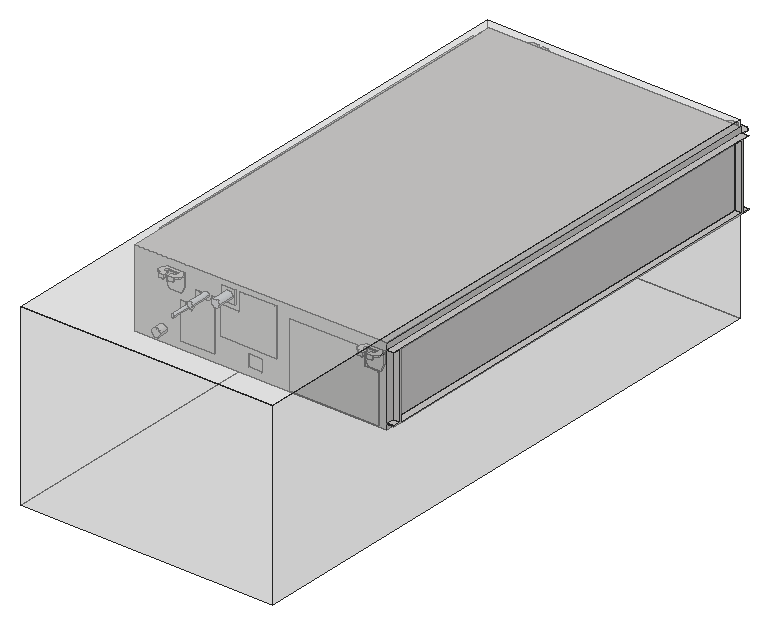
Revit family "outputfile", category 機械設備, Revit 2024
Family settings
  丸型コネクタ寸法 = 半径を使用
  パーツ タイプ = 標準
  OmniClass 番号 = 23.75.10.24.21.27.27
  OmniClass タイトル = Split System Air Conditioning Units
  作業面ベース = いいえ
  常に垂直 = はい
  ロード時にボイドで切り取り = いいえ
  注釈の向きを維持 = いいえ
  共有 = いいえ
  部屋計算ポイント = はい
Parameters (values of type "FXSQ100PAVE8")
  Description = ""
  製造元 = "Daikin"
  書き出し IFC クラス(タイプ) = "IfcUnitaryEquipmentType"
  定義済み IFC タイプ(タイプ) = "AIRCONDITIONINGUNIT"
  Cost = 0
  モデル = "FXSQ100PAVE8"
  Type Comments = ""
  Keynote = ""
  Type Image = (empty or 0)
  Assembly Code = ""
  r_Liquid Pipe Size = Liquid Pipe Size / 2  # 4.75 mm
  r_Gas Pipe Size = Gas Pipe Size / 2  # 7.95 mm
  r_Drain Pipe Size = Drain Pipe Size / 2  # 12.5 mm
  lw_power = 770.0 mm  # constant formula
  lh_SA = 138.0 mm  # constant formula
  lw_SA = if(Depth = 550.0 mm, 225.0 mm, if(Depth = 700.0 mm, 300.0 mm, if(Depth = 1000.0 mm, 450.0 mm, if(Depth = 1400.0 mm, 650.0 mm, 725.0 mm))))  # 650.0 mm
  lw_RA = if(Depth = 550.0 mm, 275.0 mm, if(Depth = 700.0 mm, 349.0 mm, if(Depth = 1000.0 mm, 499.0 mm, if(Depth = 1400.0 mm, 699.0 mm, 775.0 mm))))  # 699.0 mm
  lh_power = 60.0 mm + [h***]  # 60.0 mm
  lh_mountinghole1 = lh_mountinghole + [h***]  # 222.0 mm
  lh_RA = 123.0 mm  # constant formula
  ld_power = Depth / 2  # 700.0 mm
  Voltage_comment_60Hz = "220"
  Voltage_comment_50Hz = "220-240"
  Voltage_60Hz = 220 V
  Voltage_50Hz = 220 V
  URL = ""
  Supply Air Direction [instance] = yes
  Sound Power Level_H speed (dB) = 67
  Phase_60Hz = 1
  Phase_50Hz = 1
  Minimum External Static Pressure = 50.00 Pa
  Minimum Circuit Amps_60Hz = 2.5 A
  Minimum Circuit Amps_50Hz = 2.5 A
  Maximum Fuse Amps_60Hz = 16.0 A
  Maximum Fuse Amps_50Hz = 16.0 A
  Maximum External Static Pressure = 150.00 Pa
  Material_Casing = DAIKIN_GalvanizedSteel_Casing_indoorunit
  lw_mountinghole = 630.0 mm  # constant formula
  lh_gaspipe = 183.0 mm + [h***]  # 183.0 mm
  lh_mountinghole = 222.0 mm  # constant formula
  lh_liquidpipe = 136.0 mm + [h***]  # 136.0 mm
  lh_drainpipe = 207.0 mm + [h***]  # 207.0 mm
  lh_antena = Height - lh_mountinghole + 1.0 mm  # 24.0 mm
  ld_drainpipe = Depth / 2 + 53.0 mm  # 753.0 mm
  ld_liquidpipe = Depth / 2 + 69.0 mm  # 769.0 mm
  ld_gaspipe = Depth / 2 + 65.0 mm  # 765.0 mm
  ld_mountinghole = Depth + 38.0 mm  # 1438.0 mm
  h*** = 0.0 mm  # constant formula
  lw_liquidpipe = 179.0 mm  # constant formula
  lw_gaspipe = 229.0 mm  # constant formula
  lw_drainpipe = 300.0 mm  # constant formula
  Width = 800.0 mm
  Version = "ver.1.0"
  Unit Type = "Middle Static Pressure Duct Type"
  Unit Mass Weight = 46.00 kg
  Unit Designation [instance] = ""
  Uniclass2015Version = "Products v1.30"
  Uniclass2015Title = "Variable refrigerant flow units"
  Uniclass2015Code = "Pr_70_65_03_94"
  Total Heating Capacity [instance] = 0.000 kW
  Total Cooling Capacity [instance] = 0.000 kW
  Sound Pressure Level_M speed (dBA) = 0
  Sound Pressure Level_L speed (dBA) = 32
  Sound Pressure Level_H speed (dBA) = 39
  Series = "VRV Fan Coil Unit"
  Sensible Cooling Capacity [instance] = 0.000 kW
  SA Duct Size Width = if(Depth = 550.0 mm, 337.0 mm, if(Depth = 700.0 mm, 492.0 mm, if(Depth = 1000.0 mm, 792.0 mm, if(Depth = 1400.0 mm, 1192.0 mm, 1337.0 mm))))  # 1192.0 mm
  SA Duct Size Height = 176.0 mm
  Refrigerant Type = "R410A"
  RA Duct Size Width = if(Depth = 550.0 mm, 502.0 mm, if(Depth = 700.0 mm, 654.0 mm, if(Depth = 1000.0 mm, 952.0 mm, if(Depth = 1400.0 mm, 1352.0 mm, 1502.0 mm))))  # 1352.0 mm
  RA Duct Size Height = 208.0 mm
  Power Input (Heating) = 0.326 kW
  Power Input (Cooling) = 0.331 kW
  Option Accessory 3 [instance] = ""
  Option Accessory 2 [instance] = ""
  Option Accessory 1 [instance] = ""
  Nominal Heating Capacity = 12.500 kW
  Nominal Cooling Capacity = 11.200 kW
  Minimum Airflow = 1350.00 m³/h
  Median Airflow = 1620.00 m³/h
  Maximum Airflow = 1920.00 m³/h
  Load Classification = HVAC
  Liquid Pipe Size = 9.5 mm
  Link_Nested Family [instance] = ""
  IfcVersion = "0"
  IfcExportType = "AIRCONDITIONINGUNIT"
  IfcExportAs = "IfcUnitaryEquipmentType"
  Height = 245.0 mm
  Heating Entering Wet Bulb Temperature [instance] = 0.00 °C
  Heating Entering Dry Bulb Temperature [instance] = 0.00 °C
  Heating Ambient Wet Bulb Temperature [instance] = 0.00 °C
  Heating Ambient Dry Bulb Temperature [instance] = 0.00 °C
  Heat Exchanger Type = "Cross Fin Coil"
  Gas Pipe Size = 15.9 mm
  Frequency_60Hz = 60 Hz
  Frequency_50Hz = 50 Hz
  Fan Type = "Sirocco Fan"
  Fan Drive = "Direct Drive"
  FCU Tag No. [instance] = ""
  Drain Pipe Size = 25.0 mm
  Design Supply Airflow [instance] = 0.00 m³/h
  Design Return Airflow [instance] = 0.00 m³/h
  Design External Static Pressure [instance] = 0.00 Pa
  Depth = 1400.0 mm
  既定の高さ = 0.0 mm
  Cooling Entering Wet Bulb Temperature [instance] = 0.00 °C
  Cooling Entering Dry Bulb Temperature [instance] = 0.00 °C
  Cooling Ambient Wet Bulb Temperature [instance] = 0.00 °C
  Cooling Ambient Dry Bulb Temperature [instance] = 0.00 °C
  Clearance visibility [instance] = yes
  Clearance Top = 20.0 mm
  Clearance Right = 0.0 mm
  Clearance Rear = 0.0 mm
  Clearance Left = 0.0 mm
  Clearance Front = 450.0 mm
  Clearance Bottom = 300.0 mm
Reference planes
  plane 1 "Center (Front/Back)": y = 0
  plane 2 "h": z = 0
  plane 3 "Center (Left/Right)": x = 0
  plane 4 "Back": y = 700
  plane 5 "Front": y = -700
  plane 6 "Left": x = -400
  plane 7 "Reight": x = 400
  plane 8 "Top": z = 0
  plane 9 "Bottom": z = -245
  plane 10: y = -215
  plane 11: y = 700
  plane 12: y = -1150
  plane 13: x = -400
  plane 14: x = 400
  plane 15: z = 20
  plane 16: z = -545
  plane 17: x = -400
  plane 18: x = -399
  plane 19: x = 399
  plane 20: y = 50
  plane 21: y = -1
  plane 22: z = -122
  plane 23: y = -701
  plane 24: z = -109
  plane 25: x = -221
  plane 26: y = -765
  plane 27: z = -62
  plane 28: x = -171
  plane 29: y = -753
  plane 30: z = -38
  plane 31: x = -100
  plane 32: x = -100
  plane 33: x = -221
  plane 34: x = -171
  plane 35: x = 370
  plane 36: x = -266
  plane 37: x = 364
  plane 38: y = -719
  plane 39: y = 719
  plane 40: z = -23
  plane 41: z = -107
  plane 42: y = -770
  plane 43: z = -207
  plane 44: x = -309
  plane 45: y = -726
  plane 46: x = -251
  plane 47: x = -203
  plane 48: x = -144
  plane 49: z = -59
  plane 50: z = -106
  plane 51: z = -221
  plane 52: z = -109
  plane 53: x = -221
  plane 54: z = -62
  plane 55: x = -171
  plane 56: z = -17
  plane 57: z = -59
  plane 58: x = -121
  plane 59: x = -79
  plane 60: x = -125
  plane 61: x = -64
  plane 62: x = 53
  plane 63: z = -164
  plane 64: z = -73
  plane 65: z = -16
  plane 66: x = 93.5
  plane 67: x = 374.5
  plane 68: x = 330
  plane 69: z = -88.5
  plane 70: z = -38
  plane 71: z = -242.5
  plane 72: x = -38.5
  plane 73: x = 6.5
  plane 74: z = -181
  plane 75: z = -221
  plane 76: y = -699
  plane 77: x = -424
  plane 78: x = 424
Forms (mm)
  Extrusion 1, solid, material "DAIKIN_GalvanizedSteel_Casing_indoorunit" <- "Material_Casing"
    sketch origin (0, 0, 0) x (1, 0, 0) y (0, 1, 0)
      loop
        line (-399, 700) -> (-399, -700) -> (399, -700) -> (399, 700) -> (-399, 700)
    from -245 to 0
  Extrusion 2, solid, material "DAIKIN_GalvanizedSteel_Casing_indoorunit" <- "Material_Casing"
    sketch origin (0, 0, 0) x (1, 0, 0) y (0, 0, 1)
      loop
        line (-251, -221) -> (-144, -221) -> (-144, -59) -> (-154.47, -59)
        arc (-154.47, -59) -> (-171, -78.8) -> (-187.53, -59) r 16.8
        line (-187.53, -59) -> (-203, -59) -> (-203, -106) -> (-206.916, -106)
        arc (-206.916, -106) -> (-221, -123.4) -> (-235.084, -106) r 14.4
        line (-235.084, -106) -> (-251, -106) -> (-251, -221)
    from 700 to 701
  Extrusion 3, solid, material "DAIKIN_GalvanizedSteel_Casing_indoorunit" <- "Material_Casing"
    sketch origin (0, 0, 0) x (1, 0, 0) y (0, 0, 1)
      loop
        line (-121, -17) -> (-121, -59) -> (-79, -59) -> (-79, -17) -> (-121, -17)
      loop
        line (-125, -73) -> (-125, -164) -> (53, -164) -> (53, -16) -> (-64, -16) -> (-64, -73) -> (-125, -73)
    from 700 to 701
  Extrusion 4, solid, material "DAIKIN_GalvanizedSteel_Casing_indoorunit" <- "Material_Casing"
    sketch origin (0, 0, 0) x (1, 0, 0) y (0, 0, 1)
      loop
        line (93.5, -38) -> (93.5, -242.5) -> (374.5, -242.5) -> (374.5, -88.5) -> (330, -88.5) -> (330, -38) -> (93.5, -38)
    from 700 to 701
  Extrusion 5, solid
    sketch origin (0, 0, 0) x (1, 0, 0) y (0, 0, 1)
      loop
        circle (-221, -109) r 4.75
    from 700 to 770
  Extrusion 6, solid
    sketch origin (0, 0, 0) x (1, 0, 0) y (0, 0, 1)
      loop
        circle (-171, -62) r 7.95
    from 700 to 765
  Extrusion 7, solid
    sketch origin (0, 0, 0) x (1, 0, 0) y (0, 0, 1)
      loop
        circle (-100, -38) r 12.5
    from 701 to 753
  Extrusion 8, solid, material "DAIKIN_GalvanizedSteel_Casing_indoorunit" <- "Material_Casing"
    sketch origin (0, 0, 0) x (1, 0, 0) y (0, 0, 1)
      loop
        circle (-309, -207) r 13
    from 700 to 726
  Extrusion 9, void
    sketch origin (0, 0, 0) x (1, 0, 0) y (0, 0, 1)
      loop
        line (-38.5, -181) -> (-38.5, -221) -> (6.5, -221) -> (6.5, -181) -> (-38.5, -181)
    from 699 to 700
Cuts and joins
  Extrusion 9 cuts Extrusion 1
Dimensions and locks
  "Height": plane 8 "Top" to plane 9 "Bottom"
  equal spacing: plane 4 "Back", plane 1 "Center (Front/Back)", plane 5 "Front"
  "Depth": plane 4 "Back" to plane 5 "Front"
  equal spacing: plane 6 "Left", plane 3 "Center (Left/Right)", plane 7 "Reight"
  "Width": plane 6 "Left" to plane 7 "Reight"
  "Clearance Left": plane 13 to plane 6 "Left"
  "Clearance Right": plane 7 "Reight" to plane 14
  "Clearance Rear": plane 11 to plane 4 "Back"
  "Clearance Front": plane 5 "Front" to plane 12
  "Clearance Top": plane 15 to plane 8 "Top"
  "Clearance Bottom": plane 9 "Bottom" to plane 16
  locked: plane 17 to plane 18 at 1
  locked: plane 19 to plane 14 at 1
  "lw_SA": plane 11 to plane 20
  "lw_RA": plane 21 to plane 5 "Front"
  "lh_RA": plane 22 to plane 9 "Bottom"
  locked: plane 5 "Front" to plane 23 at 1
  "lw_liquidpipe": plane 25 to plane 6 "Left"
  "lh_liquidpipe": plane 24 to plane 9 "Bottom"
  "lh_gaspipe": plane 27 to plane 9 "Bottom"
  "lw_gaspipe": plane 28 to plane 6 "Left"
  "ld_gaspipe": plane 26 to plane 1 "Center (Front/Back)"
  "ld_drainpipe": plane 29 to plane 1 "Center (Front/Back)"
  "lh_drainpipe": plane 30 to plane 9 "Bottom"
  "lw_drainpipe": plane 31 to plane 6 "Left"
  "lw_drainpipe": plane 6 "Left" to plane 32
  "lw_liquidpipe": plane 6 "Left" to plane 33
  "lw_gaspipe": plane 6 "Left" to plane 34
  "lw_power": plane 6 "Left" to plane 35
  locked: plane 17 to plane 36 at 134
  "lw_mountinghole": plane 36 to plane 37
  equal spacing: plane 38, plane 1 "Center (Front/Back)", plane 39
  "ld_mountinghole": plane 39 to plane 38
  "lh_mountinghole": plane 40 to plane 9 "Bottom"
  "lh_SA": plane 41 to plane 9 "Bottom"
  "ld_liquidpipe": plane 21 to plane 42
  locked: plane 44 to plane 6 "Left" at 91
  locked: plane 43 to plane 9 "Bottom" at 38
  locked: plane 5 "Front" to plane 45 at 26
  plane 48 to plane 47 to plane 46 to plane 6 "Left" = 59.0 mm, 48.0 mm, 149.0 mm
  plane 8 "Top" to plane 49 to plane 50 to plane 51 = 59.0 mm locked, 47.0 mm locked, 115.0 mm locked
  plane 55 to plane 53 to plane 6 "Left" = 50.0 mm locked, 179.0 mm locked
  plane 54 to plane 52 to plane 9 "Bottom" = 47.0 mm locked, 136.0 mm locked
  plane 59 to plane 58 to plane 6 "Left" = 42.0 mm locked, 279.0 mm locked
  plane 8 "Top" to plane 56 to plane 57 = 17.0 mm locked, 42.0 mm locked
  plane 62 to plane 61 to plane 60 to plane 6 "Left" = 117.0 mm, 61.0 mm, 275.0 mm
  plane 8 "Top" to plane 65 to plane 64 = 16.0 mm locked, 57.0 mm locked
  locked: plane 65 to plane 63 at 148
  plane 8 "Top" to plane 70 to plane 69 to plane 71 = 38.0 mm locked, 50.5 mm locked, 154.0 mm locked
  plane 67 to plane 68 to plane 66 to plane 6 "Left" = 44.5 mm locked, 236.5 mm locked, 493.5 mm locked
  plane 8 "Top" to plane 74 to plane 75 = 181.0 mm locked, 40.0 mm locked
  plane 73 to plane 72 to plane 6 "Left" = 45.0 mm, 361.5 mm
  locked: plane 76 to plane 5 "Front" at 1
  locked: plane 77 to plane 17 at 24
  locked: plane 14 to plane 78 at 24
  "r_Liquid Pipe Size": radius of Extrusion 5 sketch curve
  "r_Gas Pipe Size": radius of Extrusion 6 sketch curve
  "r_Drain Pipe Size": radius of Extrusion 7 sketch curve
  aligned and locked: level to plane 2 "h"
  aligned and locked: plane 8 "Top" to Extrusion 1
  aligned and locked: Extrusion 1 to plane 9 "Bottom"
  aligned and locked: nested 5 to plane 12
  aligned and locked: plane 13 to nested 5
  aligned and locked: plane 14 to nested 5
  aligned and locked: nested 5 to plane 13
  aligned and locked: plane 11 to nested 5
  aligned and locked: plane 15 to nested 5
  aligned and locked: plane 16 to nested 5
  aligned and locked: plane 5 "Front" to Extrusion 1 sketch curve
  aligned and locked: Extrusion 1 to plane 18
  aligned and locked: plane 19 to Extrusion 1
  aligned and locked: nested 7 to plane 18
  aligned and locked: nested 7 to plane 20
  aligned and locked: plane 19 to nested 8
  aligned and locked: plane 21 to nested 8
  aligned and locked: plane 22 to nested 8
  aligned and locked: Extrusion 2 to plane 23
  aligned and locked: plane 5 "Front" to Extrusion 2
  aligned and locked: Extrusion 3 to plane 23
  aligned and locked: plane 5 "Front" to Extrusion 3
  aligned and locked: plane 5 "Front" to Extrusion 4
  aligned and locked: Extrusion 5 sketch curve to plane 25
  aligned and locked: plane 24 to Extrusion 5 sketch curve
  aligned and locked: plane 5 "Front" to Extrusion 5
  aligned and locked: Extrusion 6 sketch curve to plane 28
  aligned and locked: plane 27 to Extrusion 6 sketch curve
  aligned and locked: plane 5 "Front" to Extrusion 6
  aligned and locked: Extrusion 7 sketch curve to plane 31
  aligned and locked: Extrusion 7 sketch curve to plane 30
  aligned and locked: Extrusion 7 to plane 29
  aligned and locked: plane 23 to Extrusion 7
  aligned and locked: nested 3 to plane 29
  aligned and locked: nested 3 to plane 32
  aligned and locked: nested 2 to plane 33
  aligned and locked: nested 1 to plane 34
  aligned and locked: Extrusion 6 to plane 26
  aligned and locked: nested 1 to plane 26
  aligned and locked: nested 6 to plane 5 "Front"
  aligned and locked: nested 6 to plane 35
  aligned and locked: plane 36 to nested 10
  aligned and locked: nested 10 to plane 5 "Front"
  aligned and locked: plane 37 to nested 9
  aligned and locked: nested 9 to plane 5 "Front"
  aligned and locked: nested 11 to plane 36
  aligned and locked: plane 4 "Back" to nested 11
  aligned and locked: nested 12 to plane 37
  aligned and locked: plane 4 "Back" to nested 12
  aligned and locked: plane 40 to nested 10
  aligned and locked: plane 40 to nested 11
  aligned and locked: plane 40 to nested 9
  aligned and locked: plane 40 to nested 12
  aligned and locked: plane 36 to nested 14
  aligned and locked: nested 14 to plane 39
  aligned and locked: plane 37 to nested 13
  aligned and locked: nested 13 to plane 39
  aligned and locked: plane 37 to nested 16
  aligned and locked: plane 38 to nested 16
  aligned and locked: plane 38 to nested 15
  aligned and locked: plane 36 to nested 15
  aligned and locked: plane 17 to plane 6 "Left"
  aligned and locked: plane 41 to nested 7
  aligned and locked: Extrusion 5 to plane 42
  aligned and locked: nested 2 to plane 42
  aligned and locked: Extrusion 8 sketch curve to plane 44
  aligned and locked: plane 43 to Extrusion 8 sketch curve
  aligned and locked: plane 5 "Front" to Extrusion 8
  aligned and locked: plane 45 to Extrusion 8
  aligned and locked: Extrusion 3 sketch curve to plane 56
  aligned and locked: Extrusion 3 sketch curve to plane 58
  aligned and locked: plane 57 to Extrusion 3 sketch curve
  aligned and locked: plane 59 to Extrusion 3 sketch curve
  aligned and locked: Extrusion 4 to plane 23
  aligned and locked: Extrusion 9 sketch curve to plane 74
  aligned and locked: plane 75 to Extrusion 9 sketch curve
  aligned and locked: plane 73 to Extrusion 9 sketch curve
  aligned and locked: plane 5 "Front" to Extrusion 9
  aligned and locked: plane 76 to Extrusion 9
  aligned and locked: nested 17 to plane 20
  aligned and locked: nested 17 to plane 77
  aligned and locked: plane 21 to nested 18
  aligned and locked: plane 78 to nested 18
  aligned and locked: plane 41 to nested 17
  aligned and locked: nested 18 to plane 22
  aligned and locked: nested 4 to plane 3 "Center (Left/Right)"
  aligned and locked: plane 1 "Center (Front/Back)" to nested 4
  aligned and locked: level to plane 8 "Top"
Automatic sketch dimensions
  plane 6 "Left" to Extrusion 1 sketch curve = 1.0 mm
  Extrusion 1 sketch curve to plane 7 "Reight" = 1.0 mm
  Extrusion 1 sketch curve to plane 4 "Back" = 0.0 mm
  Extrusion 2 sketch curve to plane 46 = 0.0 mm
  Extrusion 2 sketch curve to plane 33 = 0.0 mm
  Extrusion 2 sketch curve to plane 47 = 0.0 mm
  Extrusion 2 sketch curve to plane 34 = 0.0 mm
  Extrusion 2 sketch curve to plane 48 = 0.0 mm
  Extrusion 2 sketch curve to plane 51 = 0.0 mm
  Extrusion 2 sketch curve to plane 52 = 0.0 mm
  Extrusion 2 sketch curve to plane 50 = 0.0 mm  (x3)
  Extrusion 2 sketch curve to plane 54 = 0.0 mm
  Extrusion 2 sketch curve to plane 49 = 0.0 mm  (x3)
  plane 33 to Extrusion 2 sketch curve = 14.084 mm
  plane 34 to Extrusion 2 sketch curve = 16.53 mm
  Extrusion 3 sketch curve to plane 60 = 0.0 mm
  Extrusion 3 sketch curve to plane 61 = 0.0 mm
  Extrusion 3 sketch curve to plane 62 = 0.0 mm
  Extrusion 3 sketch curve to plane 63 = 0.0 mm
  Extrusion 3 sketch curve to plane 64 = 0.0 mm
  Extrusion 3 sketch curve to plane 65 = 0.0 mm
  Extrusion 4 sketch curve to plane 66 = 0.0 mm
  Extrusion 4 sketch curve to plane 68 = 0.0 mm
  Extrusion 4 sketch curve to plane 67 = 0.0 mm
  Extrusion 4 sketch curve to plane 71 = 0.0 mm
  Extrusion 4 sketch curve to plane 69 = 0.0 mm
  Extrusion 4 sketch curve to plane 70 = 0.0 mm
  Extrusion 9 sketch curve to plane 72 = 0.0 mm
  radius of Extrusion 8 sketch curve = 13.0 mm
Nested families
  nested 1: "daikin_connector_rotate2" at (-171, 0, -62), length <- "ld_gaspipe", built-in parameter 1001364 <- "lh_gaspipe", radius <- "r_Gas Pipe Size", type "daikin_connector_rotate2"
    with radius 7.95 mm, length 765.0 mm, angle_vertical 90.00°
  nested 2: "daikin_connector_rotate2" at (-221, -1, -109), length <- "ld_liquidpipe", built-in parameter 1001364 <- "lh_liquidpipe", radius <- "r_Liquid Pipe Size", type "daikin_connector_rotate2"
    with radius 4.75 mm, length 769.0 mm, angle_vertical 90.00°
  nested 3: "daikin_connector_rotate2" at (-100, 0, -38), length <- "ld_drainpipe", built-in parameter 1001364 <- "lh_drainpipe", radius <- "r_Drain Pipe Size", type "daikin_connector_rotate2"
    with radius 12.5 mm, length 753.0 mm, angle_vertical 90.00°
  nested 4: "daikin_△_symbolicline" at (0, 0, 245) x (0, -1, 0) z (0, 0, 1), built-in parameter 1001364 <- "Height", visible <- "Supply Air Direction", type "daikin_△_symbolicline"
    with length 200.0 mm
  nested 5: "daikin_clearancespace" at (0, -225, -262.381), visible <- "Clearance visibility", show <- "Clearance visibility", Link_Nested Family <- "Link_Nested Family", type "daikin_clearancespace"
    with width 800.0 mm, show yes, height 565.0 mm, depth 1850.0 mm, Link_Nested Family ""
  nested 6: "daikin_connector_rotate2" at (370, 0, -185), built-in parameter 1001364 <- "lh_power", length <- "ld_power", type "daikin_connector_rotate2"
    with radius 10.0 mm, length 700.0 mm, angle_vertical 90.00°
  nested 7: "daikin_ductflange_FXSQ-PAVE8_2" at (-399, 50, -107) x (0, -1, 0) z (0, 0, 1), type "daikin_ductflange_FXSQ-PAVE8_2"
    with width 1192.0 mm, w 1400.0 mm
  nested 8: "daikin_ductflange_FXSQ-PAVE8_1" at (399, -1, -122) x (0, 1, 0) z (0, 0, 1), type "daikin_ductflange_FXSQ-PAVE8_1"
    with width 1352.0 mm, w 1400.0 mm
  nested 9: "daikin_hangerfixture_FXSQ-PAVE8" at (364, -700, -23), type "daikin_hangerfixture_FXSQ-PAVE8"
  nested 10: "daikin_hangerfixture_FXSQ-PAVE8" at (-266, -700, -23), type "daikin_hangerfixture_FXSQ-PAVE8"
  nested 11: "daikin_hangerfixture_FXSQ-PAVE8" at (-266, 700, -23) x (-1, 0, 0) z (0, 0, 1), type "daikin_hangerfixture_FXSQ-PAVE8"
  nested 12: "daikin_hangerfixture_FXSQ-PAVE8" at (364, 700, -23) x (-1, 0, 0) z (0, 0, 1), type "daikin_hangerfixture_FXSQ-PAVE8"
  nested 13: "daikin_mountinghole" at (364, 719, -245), h_mountinghole <- "lh_mountinghole1", l_antenna <- "lh_antena", Link_Nested Family <- "Link_Nested Family", type "daikin_mountinghole"
    with show yes, l_antenna 24.0 mm, h_mountinghole 222.0 mm, Link_Nested Family ""
  nested 14: "daikin_mountinghole" at (-266, 719, -245), h_mountinghole <- "lh_mountinghole1", l_antenna <- "lh_antena", Link_Nested Family <- "Link_Nested Family", type "daikin_mountinghole"
    with show yes, l_antenna 24.0 mm, h_mountinghole 222.0 mm, Link_Nested Family ""
  nested 15: "daikin_mountinghole" at (-266, -719, -245), h_mountinghole <- "lh_mountinghole1", l_antenna <- "lh_antena", Link_Nested Family <- "Link_Nested Family", type "daikin_mountinghole"
    with show yes, l_antenna 24.0 mm, h_mountinghole 222.0 mm, Link_Nested Family ""
  nested 16: "daikin_mountinghole" at (364, -719, -245), h_mountinghole <- "lh_mountinghole1", l_antenna <- "lh_antena", Link_Nested Family <- "Link_Nested Family", type "daikin_mountinghole"
    with show yes, l_antenna 24.0 mm, h_mountinghole 222.0 mm, Link_Nested Family ""
  nested 17: "daikin_connector_rotate2" at (-400, 50, -107) x (0, -1, 0) z (0, 0, 1), type "daikin_connector_rotate2"
    with radius 10.0 mm, length 24.0 mm, angle_vertical 90.00°
  nested 18: "daikin_connector_rotate2" at (400, -1, -122) x (0, 1, 0) z (0, 0, 1), type "daikin_connector_rotate2"
    with radius 10.0 mm, length 24.0 mm, angle_vertical 90.00°
Connectors
  piping at (-100, -753, -38), diameter 25, driven by "r_Drain Pipe Size"
    settings: on nested 3, index 3, connector inside diameter 609.6 mm, connector length 0.0 mm, flow factor 0, pipe flow 0.00 m³/h, pressure drop 0.0 Pa, fitting loss kfactor 0, connector angle 0.00°, fixture units 0, engagement length 0.0 mm, angle of deflection 0.00°, flow configuration 1, flow direction 2, fitting loss method 4, system type 16, joint type 0, gender type 0, connector reference index -1, connector utility 0, adjustable connector no, is connector primary yes, connector description "Condensate Drain Piping"
  piping at (-171, -765, -62), diameter 15.9, driven by "r_Gas Pipe Size"
    settings: on nested 1, index 4, connector inside diameter 609.6 mm, connector length 0.0 mm, flow factor 0, pipe flow 0.00 m³/h, pressure drop 0.0 Pa, fitting loss kfactor 0, connector angle 0.00°, fixture units 0, engagement length 0.0 mm, angle of deflection 0.00°, flow configuration 1, flow direction 2, fitting loss method 0, system type 29, joint type 0, gender type 0, connector reference index -1, connector utility 0, adjustable connector no, is connector primary no, connector description "Refrigerant Gas Piping"
  piping at (-221, -770, -109), diameter 9.5, driven by "r_Liquid Pipe Size"
    settings: on nested 2, index 5, connector inside diameter 609.6 mm, connector length 0.0 mm, flow factor 0, pipe flow 0.00 m³/h, pressure drop 0.0 Pa, fitting loss kfactor 0, connector angle 0.00°, fixture units 0, engagement length 0.0 mm, angle of deflection 0.00°, flow configuration 1, flow direction 1, fitting loss method 0, system type 29, joint type 0, gender type 0, connector reference index -1, connector utility 0, adjustable connector no, is connector primary no, connector description "Refrigerant Liquid Piping"
  electrical at (370, -700, -185), driven by "Load Classification"
    settings: on nested 6, index 6, voltage 0 V, apparent load 0 VA, apparent load phase1 0 VA, apparent load phase2 0 VA, apparent load phase3 0 VA, power factor 1, load classification "HVAC", number of poles 1, system type 30, power factor state 1, is connector primary yes, connector utility no, sub classification motor no, connector description "Power Supply"
  hvac at (-424, 50, -107), driven by "SA Duct Size Height", driven by "SA Duct Size Width"
    settings: on nested 17, index 7, duct flow 0.00 m³/h, flow factor 0, pres drop 0.00 Pa, loss coef 0, conn angle 0.00°, conn width 1192.0 mm, conn height 176.0 mm, conn diameter 609.6 mm, duct sys type 1, conn prof type 1, flow config 0, flow direction 2, loss method 4, conn ref index -1, conn util no, is conn primary yes, conn desc "SA Duct"
  hvac at (424, -1, -122), driven by "RA Duct Size Height", driven by "RA Duct Size Width"
    settings: on nested 18, index 8, duct flow 0.00 m³/h, flow factor 0, pres drop 0.00 Pa, loss coef 0, conn angle 0.00°, conn width 1352.0 mm, conn height 208.0 mm, conn diameter 609.6 mm, duct sys type 2, conn prof type 1, flow config 0, flow direction 1, loss method 4, conn ref index -1, conn util no, is conn primary no, conn desc "RA Duct"
Definition of nested family "daikin_clearancespace"
  Parameters (values of type "daikin_clearancespace")
    width [instance] = 1823.963 mm
    show [instance] = yes
    material = none
    height [instance] = 1359.762 mm
    depth [instance] = 880.0 mm
    Default Elevation = 0.0 mm
    Link_Nested Family [instance] = ""
  Reference planes
    plane 1 "Center (Front/Back)": y = 0
    plane 2 "Center (Elevation)": z = -0.119
    plane 3 "Center (Left/Right)": x = 0
    plane 4: y = 440
    plane 5: y = -440
    plane 6 "Right": x = 911.982
    plane 7 "Left": x = -911.982
    plane 8 "Top": z = 679.762
    plane 9 "Bottom": z = -680
  Forms (mm)
    Extrusion 1, solid, material <- "material", visible <- "show"
      sketch origin (0, 0, 0) x (1, 0, 0) y (0, 1, 0)
        loop
          line (-911.982, 440) -> (-911.982, -440) -> (911.982, -440) -> (911.982, 440) -> (-911.982, 440)
      from -680 to 679.762
  Lines and regions (mm)
    symbolic lines, visible <- "show"
      curve 1: line (911.982, 440, 0) -> (-911.982, 440, 0)
      curve 2: line (-911.982, 440, 0) -> (-911.982, -440, 0)
      curve 3: line (-911.982, -440, 0) -> (911.982, -440, 0)
      curve 4: line (911.982, -440, 0) -> (911.982, 440, 0)
      curve 5: line (911.982, 0, 679.762) -> (-911.982, 0, 679.762)
      curve 6: line (911.982, 0, -680) -> (911.982, 0, 679.762)
      curve 7: line (-911.982, 0, -680) -> (911.982, 0, -680)
      curve 8: line (-911.982, 0, 679.762) -> (-911.982, 0, -680)
      curve 9: line (0, 440, 679.762) -> (0, -440, 679.762)
      curve 10: line (0, -440, 679.762) -> (0, -440, -680)
      curve 11: line (0, 440, -680) -> (0, 440, 679.762)
      curve 12: line (0, -440, -680) -> (0, 440, -680)
  Dimensions and locks
    "width": plane 7 "Left" to plane 6 "Right"
    "depth": plane 4 to plane 5
    "height": plane 8 "Top" to plane 9 "Bottom"
    equal spacing: plane 7 "Left", plane 3 "Center (Left/Right)", plane 6 "Right"
    equal spacing: plane 4, plane 1 "Center (Front/Back)", plane 5
    equal spacing: plane 8 "Top", plane 2 "Center (Elevation)", plane 9 "Bottom"
    aligned and locked: level to plane 2 "Center (Elevation)"
    aligned and locked: Extrusion 1 sketch curve to plane 4
    aligned and locked: plane 7 "Left" to Extrusion 1 sketch curve
    aligned and locked: Extrusion 1 sketch curve to plane 5
    aligned and locked: Extrusion 1 sketch curve to plane 6 "Right"
    aligned and locked: plane 8 "Top" to Extrusion 1
    aligned and locked: curve 1 to Extrusion 1
    aligned and locked: curve 2 to Extrusion 1
    aligned and locked: curve 3 to Extrusion 1
    aligned and locked: curve 4 to Extrusion 1
    aligned and locked: curve 5 to Extrusion 1
    aligned and locked: curve 6 to Extrusion 1
    aligned and locked: curve 7 to Extrusion 1
    aligned and locked: curve 8 to Extrusion 1
    aligned and locked: curve 9 to Extrusion 1
    aligned and locked: curve 10 to Extrusion 1
    aligned and locked: curve 11 to Extrusion 1
    aligned and locked: curve 12 to Extrusion 1
    aligned and locked: Extrusion 1 to plane 9 "Bottom"
Definition of nested family "daikin_ductflange_FXSQ-PAVE8_2"
  Parameters (values of type "daikin_ductflange_FXMQ-PAVE2")
    width = if(w = 550.0 mm, 337.0 mm, if(w = 700.0 mm, 492.0 mm, if(w = 1000.0 mm, 792.0 mm, if(w = 1400.0 mm, 1192.0 mm, 1337.0 mm))))  # 337.0 mm
    material = none
    height = 215.0 mm
    depth = 1.0 mm
    w = 550.0 mm
    Default Elevation = 0.0 mm
  Reference planes
    plane 1 "Center (Front/Back)": y = 0
    plane 2: z = 0
    plane 3 "Center (Left/Right)": x = 0
    plane 4: z = 88
    plane 5: z = -88
    plane 6: y = -25
    plane 7: z = 106
    plane 8: z = 89
    plane 9: y = -1
    plane 10: x = -192.5
    plane 11: x = 192.5
    plane 12: z = -106
    plane 13: z = -89
    plane 14: y = -1
    plane 15: x = 168.5
    plane 16: x = -168.5
    plane 17: x = 169.5
    plane 18: z = 87
    plane 19: z = -87
    plane 20: x = -169.5
    plane 21: z = 87
    plane 22: z = -87
    plane 23: y = -1
  Forms (mm)
    Extrusion 1, solid, material <- "material"
      sketch origin (0, 0, 0) x (0, 1, 0) y (0, 0, 1)
        loop
          line (-25, 88) -> (0, 88) -> (0, 106) -> (-1, 106) -> (-1, 89) -> (-25, 89) -> (-25, 88)
      from -192.5 to 192.5
    Extrusion 2, solid, material <- "material"
      sketch origin (0, 0, 0) x (0, 1, 0) y (0, 0, 1)
        loop
          line (-25, -88) -> (-25, -89) -> (-1, -89) -> (-1, -106) -> (0, -106) -> (0, -88) -> (-25, -88)
      from -192.5 to 192.5
    Extrusion 3, solid, material <- "material"
      sketch origin (0, 0, 0) x (1, 0, 0) y (0, 0, 1)
        loop
          line (168.5, 88) -> (168.5, -88) -> (192.5, -88) -> (192.5, -87) -> (169.5, -87) -> (169.5, 87) -> (192.5, 87) -> (192.5, 88) -> (168.5, 88)
      from 0 to 25
    Extrusion 4, solid, material <- "material"
      sketch origin (0, 0, 0) x (1, 0, 0) y (0, 0, 1)
        loop
          line (-192.5, 88) -> (-192.5, 87) -> (-169.5, 87) -> (-169.5, -87) -> (-192.5, -87) -> (-192.5, -88) -> (-168.5, -88) -> (-168.5, 88) -> (-192.5, 88)
      from 0 to 25
    Extrusion 5, solid, material <- "material"
      sketch origin (0, 0, 0) x (1, 0, 0) y (0, 0, 1)
        loop
          line (-192.5, 88) -> (-192.5, -88) -> (-168.5, -88) -> (-168.5, 88) -> (-192.5, 88)
        loop
          line (192.5, 88) -> (168.5, 88) -> (168.5, -88) -> (192.5, -88) -> (192.5, 88)
      from 0 to 1
  Cuts and joins
    joined: Extrusion 1, Extrusion 2, Extrusion 3, Extrusion 4, Extrusion 5
  Dimensions and locks
    plane 4 to level to plane 5 = 88.0 mm, 88.0 mm
    locked: plane 6 to plane 1 "Center (Front/Back)" at 25
    locked: plane 9 to plane 1 "Center (Front/Back)" at 1
    locked: plane 8 to plane 4 at 1
    locked: plane 16 to plane 10 at 24
    locked: plane 17 to plane 15 at 1
    locked: plane 4 to plane 18 at 1
    locked: plane 19 to plane 5 at 1
    "width": plane 15 to plane 16
    plane 4 to plane 5 = 176.0 mm
    locked: plane 16 to plane 20 at 1
    locked: plane 4 to plane 21 at 1
    locked: plane 22 to plane 5 at 1
    locked: plane 23 to plane 1 "Center (Front/Back)" at 1
    plane 4 to level to plane 5 = 88.0 mm locked, 88.0 mm locked
    locked: plane 5 to plane 13 at 1
    locked: plane 5 to plane 12 at 18
    locked: plane 7 to plane 4 at 18
    equal spacing: plane 15, plane 3 "Center (Left/Right)", plane 16
    locked: plane 11 to plane 15 at 24
    plane 11 to plane 10 = 385.0 mm
    aligned and locked: level to plane 2
    aligned and locked: Extrusion 1 to plane 10
    aligned and locked: plane 11 to Extrusion 1
    aligned and locked: plane 5 to Extrusion 2
    aligned and locked: Extrusion 2 to plane 1 "Center (Front/Back)"
    aligned and locked: plane 15 to Extrusion 3 sketch curve
    aligned and locked: Extrusion 3 sketch curve to Extrusion 2  (x2)
    aligned and locked: Extrusion 3 sketch curve to plane 11
    aligned and locked: plane 6 to Extrusion 3
    aligned and locked: Extrusion 2 to plane 10
    aligned and locked: plane 11 to Extrusion 2
    aligned and locked: Extrusion 4 sketch curve to Extrusion 1  (x2)
    aligned and locked: plane 5 to Extrusion 4 sketch curve
    aligned and locked: Extrusion 4 sketch curve to plane 16
    aligned and locked: Extrusion 4 sketch curve to plane 22
    aligned and locked: plane 20 to Extrusion 4 sketch curve
    aligned and locked: plane 21 to Extrusion 4 sketch curve
    aligned and locked: Extrusion 4 to plane 1 "Center (Front/Back)"
    aligned and locked: plane 6 to Extrusion 4
    aligned and locked: Extrusion 5 sketch curve to Extrusion 1  (x4)
    aligned and locked: Extrusion 5 sketch curve to Extrusion 4  (x2)
    aligned and locked: Extrusion 5 sketch curve to Extrusion 3  (x2)
    aligned and locked: Extrusion 5 to plane 1 "Center (Front/Back)"
    aligned and locked: plane 23 to Extrusion 5
  Automatic sketch dimensions
    Extrusion 1 sketch curve to plane 6 = 0.0 mm
    Extrusion 1 sketch curve to plane 7 = 0.0 mm
    Extrusion 1 sketch curve to plane 9 = 0.0 mm
    Extrusion 1 sketch curve to plane 1 "Center (Front/Back)" = 0.0 mm
    Extrusion 1 sketch curve to plane 4 = 0.0 mm
    Extrusion 1 sketch curve to plane 8 = 0.0 mm
    Extrusion 2 sketch curve to plane 6 = 0.0 mm
    plane 12 to Extrusion 2 sketch curve = 0.0 mm
    Extrusion 2 sketch curve to plane 14 = 0.0 mm
    Extrusion 2 sketch curve to plane 1 "Center (Front/Back)" = 0.0 mm
    plane 13 to Extrusion 2 sketch curve = 0.0 mm
    Extrusion 2 sketch curve to plane 5 = 0.0 mm
    Extrusion 3 sketch curve to plane 17 = 0.0 mm
    Extrusion 3 sketch curve to plane 19 = 0.0 mm
    Extrusion 3 sketch curve to plane 18 = 0.0 mm
    Extrusion 3 sketch curve to plane 4 = 0.0 mm
    Extrusion 4 sketch curve to plane 10 = 0.0 mm
Definition of nested family "daikin_ductflange_FXSQ-PAVE8_1"
  Parameters (values of type "daikin_ductflange_FXMQ-PAVE")
    width = if(w = 550.0 mm, 502.0 mm, if(w = 700.0 mm, 654.0 mm, if(w = 1000.0 mm, 952.0 mm, if(w = 1400.0 mm, 1352.0 mm, 1502.0 mm))))  # 502.0 mm
    material = none
    height = 208.0 mm
    depth = 1.0 mm
    w = 550.0 mm
    Default Elevation = 0.0 mm
  Reference planes
    plane 1 "Center (Front/Back)": y = 0
    plane 2: z = 0
    plane 3 "Center (Left/Right)": x = 0
    plane 4: z = 104
    plane 5: z = -104
    plane 6: y = -25
    plane 7: z = 121
    plane 8: z = 105
    plane 9: y = -1
    plane 10: x = -275
    plane 11: x = 275
    plane 12: z = -122
    plane 13: z = -105
    plane 14: y = -1
    plane 15: x = 251
    plane 16: x = -251
    plane 17: x = 252
    plane 18: z = 103
    plane 19: z = -103
    plane 20: x = -252
    plane 21: z = 103
    plane 22: z = -103
    plane 23: y = -1
  Forms (mm)
    Extrusion 1, solid, material <- "material"
      sketch origin (0, 0, 0) x (0, 1, 0) y (0, 0, 1)
        loop
          line (-25, 104) -> (0, 104) -> (0, 121) -> (-1, 121) -> (-1, 105) -> (-25, 105) -> (-25, 104)
      from -275 to 275
    Extrusion 2, solid, material <- "material"
      sketch origin (0, 0, 0) x (0, 1, 0) y (0, 0, 1)
        loop
          line (-25, -104) -> (-25, -105) -> (-1, -105) -> (-1, -122) -> (0, -122) -> (0, -104) -> (-25, -104)
      from -275 to 275
    Extrusion 3, solid, material <- "material"
      sketch origin (0, 0, 0) x (1, 0, 0) y (0, 0, 1)
        loop
          line (251, 104) -> (251, -104) -> (275, -104) -> (275, -103) -> (252, -103) -> (252, 103) -> (275, 103) -> (275, 104) -> (251, 104)
      from 0 to 25
    Extrusion 4, solid, material <- "material"
      sketch origin (0, 0, 0) x (1, 0, 0) y (0, 0, 1)
        loop
          line (-275, 104) -> (-275, 103) -> (-252, 103) -> (-252, -103) -> (-275, -103) -> (-275, -104) -> (-251, -104) -> (-251, 104) -> (-275, 104)
      from 0 to 25
    Extrusion 5, solid, material <- "material"
      sketch origin (0, 0, 0) x (1, 0, 0) y (0, 0, 1)
        loop
          line (-275, 104) -> (-275, -104) -> (-251, -104) -> (-251, 104) -> (-275, 104)
        loop
          line (275, 104) -> (251, 104) -> (251, -104) -> (275, -104) -> (275, 104)
      from 0 to 1
  Cuts and joins
    joined: Extrusion 1, Extrusion 2, Extrusion 3, Extrusion 4, Extrusion 5
  Dimensions and locks
    plane 4 to level to plane 5 = 104.0 mm, 104.0 mm
    locked: plane 6 to plane 1 "Center (Front/Back)" at 25
    locked: plane 9 to plane 1 "Center (Front/Back)" at 1
    locked: plane 8 to plane 4 at 1
    locked: plane 11 to plane 15 at 24
    locked: plane 16 to plane 10 at 24
    locked: plane 17 to plane 15 at 1
    locked: plane 4 to plane 18 at 1
    locked: plane 19 to plane 5 at 1
    "width": plane 15 to plane 16
    equal spacing: plane 15, plane 3 "Center (Left/Right)", plane 16
    locked: plane 16 to plane 20 at 1
    locked: plane 4 to plane 21 at 1
    locked: plane 22 to plane 5 at 1
    locked: plane 23 to plane 1 "Center (Front/Back)" at 1
    locked: plane 7 to plane 4 at 17
    locked: plane 1 "Center (Front/Back)" to plane 14 at 1
    locked: plane 5 to plane 13 at 1
    "height": plane 4 to plane 5
    plane 11 to plane 10 = 550.0 mm
    locked: plane 12 to plane 13 at 17
    equal spacing: plane 4, level, plane 5
    aligned and locked: level to plane 2
    aligned and locked: Extrusion 1 to plane 10
    aligned and locked: plane 11 to Extrusion 1
    aligned and locked: plane 5 to Extrusion 2
    aligned and locked: Extrusion 2 to plane 1 "Center (Front/Back)"
    aligned and locked: plane 15 to Extrusion 3 sketch curve
    aligned and locked: Extrusion 3 sketch curve to Extrusion 2  (x2)
    aligned and locked: Extrusion 3 sketch curve to plane 11
    aligned and locked: plane 6 to Extrusion 3
    aligned and locked: Extrusion 2 to plane 10
    aligned and locked: plane 11 to Extrusion 2
    aligned and locked: Extrusion 4 sketch curve to Extrusion 1  (x2)
    aligned and locked: plane 5 to Extrusion 4 sketch curve
    aligned and locked: Extrusion 4 sketch curve to plane 16
    aligned and locked: Extrusion 4 sketch curve to plane 22
    aligned and locked: plane 20 to Extrusion 4 sketch curve
    aligned and locked: plane 21 to Extrusion 4 sketch curve
    aligned and locked: Extrusion 4 to plane 1 "Center (Front/Back)"
    aligned and locked: plane 6 to Extrusion 4
    aligned and locked: Extrusion 5 sketch curve to Extrusion 1  (x4)
    aligned and locked: Extrusion 5 sketch curve to Extrusion 4  (x2)
    aligned and locked: Extrusion 5 sketch curve to Extrusion 3  (x2)
    aligned and locked: Extrusion 5 to plane 1 "Center (Front/Back)"
    aligned and locked: plane 23 to Extrusion 5
  Automatic sketch dimensions
    Extrusion 1 sketch curve to plane 6 = 0.0 mm
    Extrusion 1 sketch curve to plane 7 = 0.0 mm
    Extrusion 1 sketch curve to plane 9 = 0.0 mm
    Extrusion 1 sketch curve to plane 1 "Center (Front/Back)" = 0.0 mm
    Extrusion 1 sketch curve to plane 4 = 0.0 mm
    Extrusion 1 sketch curve to plane 8 = 0.0 mm
    Extrusion 2 sketch curve to plane 6 = 0.0 mm
    plane 12 to Extrusion 2 sketch curve = 0.0 mm
    Extrusion 2 sketch curve to plane 14 = 0.0 mm
    Extrusion 2 sketch curve to plane 1 "Center (Front/Back)" = 0.0 mm
    plane 13 to Extrusion 2 sketch curve = 0.0 mm
    Extrusion 2 sketch curve to plane 5 = 0.0 mm
    Extrusion 3 sketch curve to plane 17 = 0.0 mm
    Extrusion 3 sketch curve to plane 19 = 0.0 mm
    Extrusion 3 sketch curve to plane 18 = 0.0 mm
    Extrusion 3 sketch curve to plane 4 = 0.0 mm
    Extrusion 4 sketch curve to plane 10 = 0.0 mm
Definition of nested family "daikin_hangerfixture_FXSQ-PAVE8"
  Parameters (values of type "daikin_hangerfixture_FXMQ-PAVE")
    width = 72.0 mm
    material = none
    height = 60.0 mm
    depth = 41.0 mm
    Default Elevation = 0.0 mm
  Reference planes
    plane 1 "Center (Front/Back)": y = 0
    plane 2: z = 0
    plane 3 "Center (Left/Right)": x = 0
    plane 4: y = 417.146
    plane 5: y = -41
    plane 6: x = -36
    plane 7: x = 36
    plane 8: z = -2.3
    plane 9: z = -60
    plane 10: y = -2.3
    plane 11: z = -12
    plane 12: y = -38.7
  Forms (mm)
    Extrusion 1, solid, material <- "material"
      sketch origin (0, 0, 0) x (1, 0, 0) y (0, 1, 0)
        loop
          line (-28, 0) -> (-28, -5)
          arc (-28, -5) -> (-29.127, -8.162) -> (-32, -9.899) r 5
          arc (-32, -9.899) -> (-34.873, -11.636) -> (-36, -14.798) r 5
          line (-36, -14.798) -> (-36, -27.178)
          arc (-36, -27.178) -> (-35.429, -29.499) -> (-33.846, -31.289) r 5
          line (-33.846, -31.289) -> (-23, -38.798) -> (-23, -41.098) -> (-6.5, -41.098) -> (-6.5, -28.498)
          arc (-6.5, -28.498) -> (-7.379, -26.377) -> (-9.5, -25.498) r 3
          line (-9.5, -25.498) -> (-13.5, -25.498)
          arc (-13.5, -25.498) -> (-20, -18.998) -> (-13.5, -12.498) r 6.5
          line (-13.5, -12.498) -> (13.5, -12.498)
          arc (13.5, -12.498) -> (20, -18.998) -> (13.5, -25.498) r 6.5
          line (13.5, -25.498) -> (9.5, -25.498)
          arc (9.5, -25.498) -> (7.379, -26.377) -> (6.5, -28.498) r 3
          line (6.5, -28.498) -> (6.5, -41.098) -> (23, -41.098) -> (23, -38.798) -> (33.846, -31.289)
          arc (33.846, -31.289) -> (35.429, -29.499) -> (36, -27.178) r 5
          line (36, -27.178) -> (36, -14.596)
          arc (36, -14.596) -> (34.873, -11.434) -> (32, -9.697) r 5
          arc (32, -9.697) -> (29.127, -7.96) -> (28, -4.798) r 5
          line (28, -4.798) -> (28, 0) -> (-28, 0)
      from 0 to -2.3
    Extrusion 2, solid, material <- "material"
      sketch origin (0, 0, 0) x (1, 0, 0) y (0, 0, 1)
        loop
          line (28, -39.037) -> (28, 0) -> (-28, 0) -> (-28, -39.037)
          arc (-28, -39.037) -> (-27.91, -39.983) -> (-27.642, -40.894) r 5
          line (-27.642, -40.894) -> (-21.257, -56.857)
          arc (-21.257, -56.857) -> (-19.418, -59.14) -> (-16.615, -60) r 5
          line (-16.615, -60) -> (16.615, -60)
          arc (16.615, -60) -> (19.418, -59.14) -> (21.257, -56.857) r 5
          line (21.257, -56.857) -> (27.642, -40.894)
          arc (27.642, -40.894) -> (27.91, -39.983) -> (28, -39.037) r 5
      from 0 to 2.3
    Extrusion 3, solid, material <- "material"
      sketch origin (0, 0, 0) x (1, 0, 0) y (0, 0, 1)
        loop
          line (-23, 0) -> (-23, -9)
          arc (-23, -9) -> (-22.121, -11.121) -> (-20, -12) r 3
          line (-20, -12) -> (-9.5, -12)
          arc (-9.5, -12) -> (-7.379, -11.121) -> (-6.5, -9) r 3
          line (-6.5, -9) -> (-6.5, 0) -> (-23, 0)
        loop
          line (23, 0) -> (6.5, 0) -> (6.5, -9)
          arc (6.5, -9) -> (7.379, -11.121) -> (9.5, -12) r 3
          line (9.5, -12) -> (20, -12)
          arc (20, -12) -> (22.121, -11.121) -> (23, -9) r 3
          line (23, -9) -> (23, 0)
      from 38.8 to 41.098
  Cuts and joins
    joined: Extrusion 1, Extrusion 2, Extrusion 3
  Dimensions and locks
    plane 2 to plane 8 = 2.3 mm
    "height": plane 2 to plane 9
    locked: plane 10 to plane 1 "Center (Front/Back)" at 2.3
    locked: plane 2 to plane 11 at 12
    locked: plane 12 to plane 5 at 2.3
    aligned and locked: level to plane 2
    aligned and locked: Extrusion 1 to plane 8
    aligned and locked: plane 2 to Extrusion 1
    aligned and locked: plane 2 to Extrusion 2 sketch curve
    aligned and locked: Extrusion 2 to plane 10
    aligned and locked: Extrusion 2 to plane 1 "Center (Front/Back)"
    aligned and locked: Extrusion 3 sketch curve to cut or joined group of Extrusion 1, Extrusion 2, Extrusion 3  (x3)
    aligned and locked: cut or joined group of Extrusion 1, Extrusion 2, Extrusion 3 to Extrusion 3
  Automatic sketch dimensions
    Extrusion 2 sketch curve to plane 7 = 8.0 mm
    Extrusion 2 sketch curve to plane 8 = 36.737 mm
    plane 6 to Extrusion 2 sketch curve = 19.385 mm
    Extrusion 1 sketch curve to plane 6 = 0.0 mm
    plane 1 "Center (Front/Back)" to Extrusion 1 sketch curve = 0.0 mm
    Extrusion 1 sketch curve to plane 7 = 0.0 mm
    plane 6 to Extrusion 1 sketch curve = 2.154 mm
    plane 6 to Extrusion 1 sketch curve = 3.0 mm
    Extrusion 1 sketch curve to Extrusion 1 sketch curve = 5.0 mm  (x3)
    Extrusion 1 sketch curve to plane 12 = 0.098 mm  (x2)
    Extrusion 1 sketch curve to Extrusion 1 sketch curve = 4.0 mm  (x2)
    Extrusion 1 sketch curve to plane 5 = 0.098 mm  (x2)
    Extrusion 1 sketch curve to plane 3 "Center (Left/Right)" = 6.5 mm
    plane 3 "Center (Left/Right)" to Extrusion 1 sketch curve = 6.5 mm
    Extrusion 1 sketch curve to Extrusion 1 sketch curve = 3.0 mm
    Extrusion 1 sketch curve to plane 7 = 8.0 mm
    Extrusion 1 sketch curve to plane 7 = 5.0 mm
    Extrusion 1 sketch curve to plane 7 = 3.0 mm
    Extrusion 1 sketch curve to plane 7 = 2.154 mm
    plane 12 to Extrusion 1 sketch curve = 7.411 mm  (x2)
    plane 12 to Extrusion 1 sketch curve = 10.202 mm  (x2)
    Extrusion 1 sketch curve to Extrusion 1 sketch curve = 6.5 mm  (x2)
    Extrusion 1 sketch curve to Extrusion 1 sketch curve = 12.38 mm
    Extrusion 1 sketch curve to plane 10 = 12.296 mm
    Extrusion 1 sketch curve to plane 10 = 2.7 mm
    Extrusion 1 sketch curve to plane 10 = 2.498 mm
    plane 6 to Extrusion 1 sketch curve = 4.0 mm
    Extrusion 1 sketch curve to Extrusion 1 sketch curve = 0.0 mm  (x2)
    Extrusion 1 sketch curve to plane 7 = 4.0 mm
    Extrusion 1 sketch curve to Extrusion 1 sketch curve = 4.111 mm
    Extrusion 3 sketch curve to level = 0.0 mm  (x2)
    Extrusion 3 sketch curve to plane 11 = 0.0 mm  (x2)
    plane 11 to Extrusion 3 sketch curve = 3.0 mm  (x2)
    plane 3 "Center (Left/Right)" to Extrusion 3 sketch curve = 6.5 mm
    Extrusion 3 sketch curve to Extrusion 3 sketch curve = 3.0 mm  (x2)
    Extrusion 2 sketch curve to plane 9 = 0.0 mm
    Extrusion 2 sketch curve to Extrusion 2 sketch curve = 11.385 mm
    plane 6 to Extrusion 2 sketch curve = 8.0 mm
    plane 9 to Extrusion 2 sketch curve = 20.963 mm
    Extrusion 2 sketch curve to Extrusion 2 sketch curve = 5.0 mm  (x2)
    plane 9 to Extrusion 2 sketch curve = 3.143 mm  (x3)
    Extrusion 2 sketch curve to Extrusion 2 sketch curve = 4.642 mm  (x2)
    Extrusion 2 sketch curve to Extrusion 2 sketch curve = 0.0 mm  (x2)
    Extrusion 2 sketch curve to Extrusion 2 sketch curve = 0.358 mm
    Extrusion 2 sketch curve to Extrusion 2 sketch curve = 1.857 mm  (x2)
Definition of nested family "daikin_connector_rotate2"
  Parameters (values of type "daikin_connector_rotate2")
    Default Elevation = 1219.2 mm
    show_face = no
    radius [instance] = 10.0 mm
    length [instance] = 600.0 mm
    d_surface = 10.0 mm
    angle_vertical [instance] = 90.00°
  Reference planes
    plane 1 "Center (Front/Back)": y = 0
    plane 2: z = 0
    plane 3 "Center (Left/Right)": x = 0
  Forms (mm)
    Extrusion 1, solid, visible <- "show_face"
      sketch origin (0, -600, 0) x (1, 0, 0) y (0, 0, 1)
        loop
          circle (0, 0) r 10
      from 0 to -10
  Lines and regions (mm)
    reference lines
      curve 1: line (0, 0, 0) -> (0, -600, 0)
    symbolic lines
      curve 2: circle (0, 0, 0) r 5 normal (0, 0, 1)
    model lines, visible <- "show_face"
      curve 3: line (0, 0, 0) -> (0, -600, 0)
  Dimensions and locks
    "length": curve 1 to curve 1
    "length": curve 3 to curve 3
    "d_surface": Extrusion 1 to Extrusion 1
    "radius": radius of Extrusion 1 sketch curve
    "angle_vertical": angle curve 1 to plane 1 "Center (Front/Back)"
    "angle_vertical": angle curve 3 to plane 1 "Center (Front/Back)"
    aligned and locked: level to plane 2
    aligned and locked: plane 1 "Center (Front/Back)" to curve 1
    aligned and locked: plane 2 to curve 1
    aligned and locked: plane 1 "Center (Front/Back)" to curve 2
    aligned and locked: plane 3 "Center (Left/Right)" to curve 2
    aligned and locked: plane 1 "Center (Front/Back)" to curve 3
    aligned and locked: plane 2 to curve 3
    aligned and locked: Extrusion 1 to Extrusion 1
  Automatic sketch dimensions
    Extrusion 1 sketch curve to level = 0.0 mm
    Extrusion 1 sketch curve to plane 3 "Center (Left/Right)" = 0.0 mm
    radius of curve 2 = 5.0 mm
Definition of nested family "daikin_△_symbolicline"
  Parameters (values of type "daikin_△_symbolicline")
    length [instance] = 200.0 mm
    Default Elevation = 0.0 mm
  Reference planes
    plane 1 "Center (Front/Back)": y = 0
    plane 2: z = 0
    plane 3 "Center (Left/Right)": x = 0
  Lines and regions (mm)
    symbolic lines
      curve 1: line (0, -173.205, 0) -> (100, 0, 0)
      curve 2: line (100, 0, 0) -> (-100, 0, 0)
      curve 3: line (-100, 0, 0) -> (0, -173.205, 0)
  Dimensions and locks
    equal spacing: curve 3, plane 3 "Center (Left/Right)", curve 2
    "length": curve 3 to curve 2
    "length": curve 3 to curve 3
    "length": curve 1 to curve 1
    aligned and locked: level to plane 2
    aligned and locked: curve 2 to plane 1 "Center (Front/Back)"
    aligned and locked: plane 3 "Center (Left/Right)" to curve 3
Definition of nested family "daikin_mountinghole"
  Parameters (values of type "daikin_mountinghole")
    Default Elevation = 1219.2 mm
    Type Comments = "mountinghole"
    show [instance] = yes
    material = none
    l_centerline = 100.0 mm
    l_antenna [instance] = 100.0 mm
    h_mountinghole [instance] = 0.0 mm
    d_circle = 30.0 mm
    Link_Nested Family [instance] = ""
  Reference planes
    plane 1 "Center (Front/Back)": y = 0
    plane 2: z = 0
    plane 3 "Center (Left/Right)": x = 0
    plane 4: y = 50
    plane 5: x = -50
    plane 6: x = 50
    plane 7: y = -50
    plane 8 "h_mountinghole": z = 0
    plane 9: z = 100
  Lines and regions (mm)
    model lines, detail levels fine
      curve 1: circle (0, 0, 0) r 15 normal (0, 0, 1)
      curve 2: line (-50, 0, 0) -> (50, 0, 0)
      curve 3: line (0, 50, 0) -> (0, -50, 0)
    symbolic lines, detail levels fine
      curve 4: circle (0, 0, 0) r 15 normal (0, 0, 1)
      curve 5: line (-50, 0, 0) -> (50, 0, 0)
      curve 6: line (0, 50, 0) -> (0, -50, 0)
    model lines
      curve 7: line (0, 0, 100) -> (0, 0, 0)
  Dimensions and locks
    equal spacing: plane 4, plane 1 "Center (Front/Back)", plane 7
    "l_centerline": plane 4 to plane 7
    equal spacing: plane 5, plane 3 "Center (Left/Right)", plane 6
    "l_centerline": plane 5 to plane 6
    "l_antenna": plane 9 to plane 8 "h_mountinghole"
    "h_mountinghole": plane 8 "h_mountinghole" to plane 2
    "d_circle": diameter of curve 1
    "d_circle": diameter of curve 4
    aligned and locked: level to plane 2
    aligned and locked: plane 1 "Center (Front/Back)" to curve 1
    aligned and locked: plane 3 "Center (Left/Right)" to curve 1
    aligned and locked: plane 1 "Center (Front/Back)" to curve 2
    aligned and locked: curve 3 to plane 3 "Center (Left/Right)"
    aligned and locked: plane 6 to curve 2
    aligned and locked: plane 5 to curve 2
    aligned and locked: plane 4 to curve 3
    aligned and locked: plane 7 to curve 3
    aligned and locked: plane 1 "Center (Front/Back)" to curve 4
    aligned and locked: plane 3 "Center (Left/Right)" to curve 4
    aligned and locked: plane 6 to curve 5
    aligned and locked: plane 5 to curve 5
    aligned and locked: plane 1 "Center (Front/Back)" to curve 5
    aligned and locked: plane 4 to curve 6
    aligned and locked: plane 7 to curve 6
    aligned and locked: curve 6 to plane 3 "Center (Left/Right)"
    aligned and locked: curve 7 to plane 3 "Center (Left/Right)"
    aligned and locked: plane 9 to curve 7
    aligned and locked: plane 8 "h_mountinghole" to curve 7
